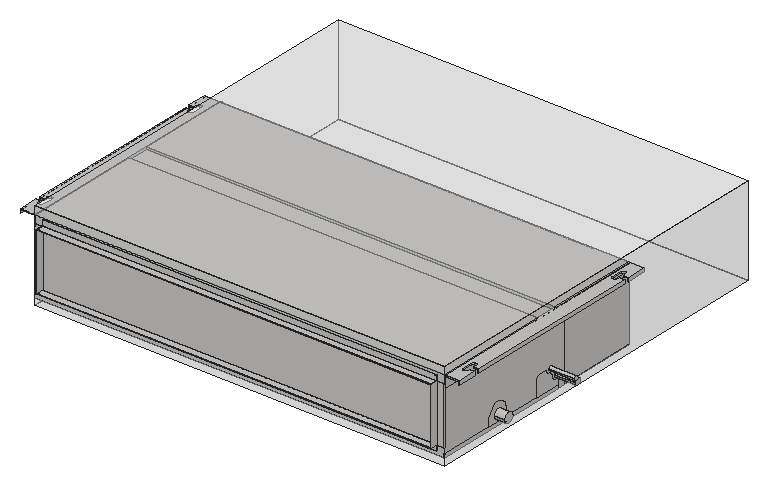
Revit family "outputfile", category 機械設備, Revit 2024
Family settings
  丸型コネクタ寸法 = 半径を使用
  パーツ タイプ = 標準
  OmniClass 番号 = 23.75.10.24.21.27.27
  OmniClass タイトル = Split System Air Conditioning Units
  作業面ベース = いいえ
  常に垂直 = はい
  ロード時にボイドで切り取り = いいえ
  注釈の向きを維持 = いいえ
  共有 = いいえ
  部屋計算ポイント = はい
Parameters (values of type "FDLF85DV14")
  Description = ""
  書き出し IFC クラス(タイプ) = "IfcUnitaryEquipmentType"
  定義済み IFC タイプ(タイプ) = "AIRCONDITIONINGUNIT"
  Cost = 0
  Type Comments = ""
  Keynote = ""
  Type Image = (empty or 0)
  Assembly Code = ""
  switch_frequency = yes
  ld_powersupply = Depth / 2  # 310 mm
  connector_voltage = Voltage_50Hz  # 230 V
  connector_powerinput = [Power Input (Cooling)]  # 0.000 kW
  connector_phase = Phase_50Hz  # 1
  angle_liquidpipe [instance] = if(Right Connection_refrigerant, 90.00°, 270.00°)  # 90.00°
  angle_gaspipe [instance] = if(Right Connection_refrigerant, 90.00°, 270.00°)  # 90.00°
  angle_drainpipe [instance] = if(Right Connection_refrigerant, 90.00°, 270.00°)  # 90.00°
  URL = ""
  Right Connection_refrigerant [instance] = yes
  製造元 = "Daikin"
  モデル = "FDLF85DV14"
  r_Liquid Pipe Size = Liquid Pipe Size / 2  # 4.75 mm
  r_Gas Pipe Size = Gas Pipe Size / 2  # 7.95 mm
  r_Drain Pipe Size = Drain Pipe Size / 2  # 12.5 mm
  lw_powersupply = 50 mm  # constant formula
  lw_ductflange2 = 1003 mm
  lw_Width = 1060 mm
  lh_suctionflange [instance] = 100 mm  # constant formula
  ld_suctionflange [instance] = if(Rear Connection_Return Air, 190.25 mm, 100.25 mm)  # 190.25 mm
  angle_vertical_RA [instance] = if(Rear Connection_Return Air, 90.00°, 0.00°)  # 90.00°
  angle horizontal_RA [instance] = if(Rear Connection_Return Air, 180.00°, 270.00°)  # 180.00°
  Voltage_comment_50Hz = "220 - 240"
  Voltage_50Hz = 230 V
  Supply Air Direction [instance] = yes
  Sound Power Level_H speed (dB) = 0
  Rear Connection_Return Air [instance] = not(Bottom Connection_Return Air)  # yes
  RA_length [instance] = if(Rear Connection_Return Air, 190.25 mm, 100 mm)  # 190.25 mm
  Phase_50Hz = 1
  Minimum External Static Pressure = 15.00 Pa
  Minimum Circuit Amps_50Hz = 0.0 A
  Maximum Fuse Amps_50Hz = 0.0 A
  Maximum External Static Pressure = 38.00 Pa
  Material_Casing = DAIKIN_GalvanizedSteel_Casing_indoorunit
  lw_liquidpipe = 621 mm
  lw_gaspipe = 608 mm
  lw_mountinghole = 1140 mm
  lw_drainpipe = 580 mm
  lh_powersupply = 150 mm  # constant formula
  lh_liquidpipe = 138 mm  # constant formula
  lh_gaspipe = 160 mm  # constant formula
  lh_mountinghole = Height  # 200 mm
  lh_drainpipe = 170 mm  # constant formula
  lh_antena = 1 mm  # constant formula
  ld_liquidpipe = 353 mm  # constant formula
  ld_gaspipe = 375 mm  # constant formula
  ld_mountinghole = 500 mm  # constant formula
  ld_drainpipe = 178 mm  # constant formula
  ld_controlbox = 626 mm  # constant formula
  h*** = 0 mm  # constant formula
  d_dischargeflange = 21.2 mm  # constant formula
  Width = 1100 mm
  Version = "ver.1.0"
  Unit Type = "L.S.P. Duct for Living room"
  Unit Mass Weight = 31.00 kg
  Unit Designation [instance] = ""
  Uniclass2015Version = "Products v1.30"
  Uniclass2015Title = "Split coil room air conditioning units"
  Uniclass2015Code = "Pr_70_65_03_86"
  Total Cooling Capacity [instance] = 0.000 kW
  Sound Pressure Level_M speed (dBA) = 37
  Sound Pressure Level_L speed (dBA) = 34
  Sound Pressure Level_H speed (dBA) = 40
  Series = "SkyAir_Fan Coil Unit"
  Sensible Cooling Capacity [instance] = 0.000 kW
  SA Duct Size Width = 1060 mm
  SA Duct Size Height = 153 mm
  Refrigerant Type = "R32"
  RA Duct Size Width = 961 mm
  RA Duct Size Height = 160 mm
  Power Input (Cooling) = 0.000 kW
  Option Accessory 3 [instance] = ""
  Option Accessory 2 [instance] = ""
  Option Accessory 1 [instance] = ""
  Nominal Cooling Capacity = 8.500 kW
  Minimum Airflow = 990.00 m³/h
  Median Airflow = 1080.00 m³/h
  Maximum Airflow = 1200.00 m³/h
  Load Classification = HVAC
  Liquid Pipe Size = 9.5 mm
  Link_Nested Family [instance] = ""
  Left Connection_refrigerant [instance] = not(Right Connection_refrigerant)  # no
  IfcVersion = ""
  IfcExportType = "AIRCONDITIONINGUNIT"
  IfcExportAs = "IfcUnitaryEquipmentType"
  Height = 200 mm
  Heat Exchanger Type = "Cross Fin Coil"
  Gas Pipe Size = 15.9 mm
  Frequency_50Hz = 50 Hz
  Fan Type = "Sirocco Fan"
  Fan Drive = "Direct Drive"
  FCU Tag No. [instance] = ""
  Drain Pipe Size = 25.0 mm
  Design Supply Airflow [instance] = 0.00 m³/h
  Design Return Airflow [instance] = 0.00 m³/h
  Design External Static Pressure [instance] = 0.00 Pa
  Depth = 620 mm
  既定の高さ = 0 mm
  Cooling Entering Wet Bulb Temperature [instance] = 0.00 °C
  Cooling Entering Dry Bulb Temperature [instance] = 0.00 °C
  Cooling Ambient Wet Bulb Temperature [instance] = 0.00 °C
  Cooling Ambient Dry Bulb Temperature [instance] = 0.00 °C
  Clearance visibility [instance] = yes
  Clearance Top = 20 mm
  Clearance Right = 0 mm
  Clearance Rear = 400 mm
  Clearance Left = 0 mm
  Clearance Front = 0 mm
  Clearance Bottom = 20 mm
  Bottom Connection_Return Air [instance] = no
Reference planes
  plane 1 "Center (Front/Back)": y = 0
  plane 2: z = 0
  plane 3 "Center (Left/Right)": x = 0
  plane 4 "Back": y = 310
  plane 5 "Front": y = -310
  plane 6 "Left": x = -550
  plane 7 "Right": x = 550
  plane 8 "Top": z = 0
  plane 9 "Bottom": z = -200
  plane 10: x = -570
  plane 11: x = 570
  plane 12: y = 250
  plane 13: z = 0
  plane 14 "Clearance Left": x = -550
  plane 15 "Clearance Right": x = 550
  plane 16 "Clearance Rear": y = 710
  plane 17 "Clearance Front": y = -310
  plane 18 "Clearance Top": z = 20
  plane 19 "Clearance Bottom": z = -220
  plane 20: y = -250
  plane 21: z = -21
  plane 22: z = -97.5
  plane 23: x = -48.5
  plane 24: y = 119.75
  plane 25: z = -100
  plane 26: y = 65
  plane 27: z = -160
  plane 28: y = 43
  plane 29: z = -138
  plane 30: y = -132
  plane 31: z = -170
  plane 32: x = 608
  plane 33: x = 621
  plane 34: x = 580
  plane 35: x = 500
  plane 36: z = -150
  plane 37: x = -580
  plane 38: x = -621
  plane 39: x = -608
Forms (mm)
  Extrusion 1, solid, material "DAIKIN_GalvanizedSteel_Casing_indoorunit" <- "Material_Casing"
    sketch origin (0, 0, 0) x (1, 0, 0) y (0, 1, 0)
      loop
        line (-550, -310) -> (550, -310) -> (550, 310) -> (-550, 310) -> (-550, -310)
    from -200 to 0
  Extrusion 2, void
    sketch origin (0, 0, 1) x (1, 0, 0) y (0, 1, 0)
      loop
        line (-550, 61.5) -> (-550, 3.5) -> (550, 3.5) -> (550, 61.5) -> (-550, 61.5)
    from -1 to -7
  Extrusion 3, solid, material "DAIKIN_GalvanizedSteel_Casing_indoorunit" <- "Material_Casing", visible <- "Bottom Connection_Return Air"
    sketch origin (0, 0, 0) x (1, 0, 0) y (0, 0, 1)
      loop
        line (452, -199.25) -> (452, -0.75) -> (-549, -0.75) -> (-549, -199.25) -> (452, -199.25)
    from -310 to -309
  Extrusion 4, solid, material "DAIKIN_GalvanizedSteel_Casing_indoorunit" <- "Material_Casing", visible <- "Rear Connection_Return Air"
    sketch origin (0, 0, 0) x (1, 0, 0) y (0, 1, 0)
      loop
        line (-549, 309) -> (-549, 110.5) -> (452, 110.5) -> (452, 309) -> (-549, 309)
    from -200 to -199
  Extrusion 5, solid, material "DAIKIN_GalvanizedSteel_Casing_indoorunit" <- "Material_Casing", visible <- "Right Connection_refrigerant"
    sketch origin (550, 0, 0) x (0, 1, 0) y (0, 0, 1)
      loop
        circle (65, -160) r 7.95
    from 0 to 58
  Extrusion 6, solid, material "DAIKIN_GalvanizedSteel_Casing_indoorunit" <- "Material_Casing", visible <- "Right Connection_refrigerant"
    sketch origin (550, 0, 0) x (0, 1, 0) y (0, 0, 1)
      loop
        circle (43, -138) r 4.75
    from 0 to 71
  Extrusion 7, solid, material "DAIKIN_GalvanizedSteel_Casing_indoorunit" <- "Material_Casing", visible <- "Right Connection_refrigerant"
    sketch origin (550, 0, 0) x (0, 1, 0) y (0, 0, 1)
      loop
        line (-310, -200) -> (70, -200) -> (70, -190) -> (-310, -190) -> (-310, -200)
    from 0 to -1
  Extrusion 8, solid, material "DAIKIN_GalvanizedSteel_Casing_indoorunit" <- "Material_Casing", visible <- "Right Connection_refrigerant"
    sketch origin (550, 0, 0) x (0, 1, 0) y (0, 0, 1)
      loop
        arc (96, -27.5) -> (93.879, -28.379) -> (93, -30.5) r 3
        line (93, -30.5) -> (93, -194.5)
        arc (93, -194.5) -> (93.879, -196.621) -> (96, -197.5) r 3
        line (96, -197.5) -> (310, -197.5) -> (310, -27.5) -> (96, -27.5)
    from 0 to -1
  Extrusion 9, solid, material "DAIKIN_GalvanizedSteel_Casing_indoorunit" <- "Material_Casing", visible <- "Right Connection_refrigerant"
    sketch origin (550, 0, 0) x (0, 1, 0) y (0, 0, 1)
      loop
        arc (-104, -170) -> (-132, -142) -> (-160, -170) r 28
        line (-160, -170) -> (-160, -190) -> (-104, -190) -> (-104, -170)
    from 0 to -1
  Extrusion 10, solid, material "DAIKIN_GalvanizedSteel_Casing_indoorunit" <- "Material_Casing", visible <- "Right Connection_refrigerant"
    sketch origin (550, 0, 0) x (0, 1, 0) y (0, 0, 1)
      loop
        line (70, -190) -> (70, -174.671)
        arc (70, -174.671) -> (54.678, -171.563) -> (49.857, -156.691) r 15.5
        line (49.857, -156.691) -> (43.472, -150.991)
        arc (43.472, -150.991) -> (34.343, -147.698) -> (30.039, -139) r 13
        line (30.039, -139) -> (2, -139)
        arc (2, -139) -> (-0.121, -139.879) -> (-1, -142) r 3
        line (-1, -142) -> (-1, -190) -> (70, -190)
    from 0 to -1
  Extrusion 11, solid, material "DAIKIN_GalvanizedSteel_Casing_indoorunit" <- "Material_Casing", visible <- "Left Connection_refrigerant"
    sketch origin (-550, 0, 0) x (0, 1, 0) y (0, 0, 1)
      loop
        line (-310, -200) -> (70, -200) -> (70, -190) -> (-310, -190) -> (-310, -200)
    from 0 to -1
  Extrusion 12, solid, material "DAIKIN_GalvanizedSteel_Casing_indoorunit" <- "Material_Casing", visible <- "Left Connection_refrigerant"
    sketch origin (-550, 0, 0) x (0, 1, 0) y (0, 0, 1)
      loop
        arc (96, -27.5) -> (93.879, -28.379) -> (93, -30.5) r 3
        line (93, -30.5) -> (93, -194.5)
        arc (93, -194.5) -> (93.879, -196.621) -> (96, -197.5) r 3
        line (96, -197.5) -> (310, -197.5) -> (310, -27.5) -> (96, -27.5)
    from 0 to -1
  Extrusion 13, solid, material "DAIKIN_GalvanizedSteel_Casing_indoorunit" <- "Material_Casing", visible <- "Left Connection_refrigerant"
    sketch origin (-550, 0, 0) x (0, 1, 0) y (0, 0, 1)
      loop
        arc (-104, -170) -> (-132, -142) -> (-160, -170) r 28
        line (-160, -170) -> (-160, -190) -> (-104, -190) -> (-104, -170)
    from 0 to -1
  Extrusion 14, solid, material "DAIKIN_GalvanizedSteel_Casing_indoorunit" <- "Material_Casing", visible <- "Left Connection_refrigerant"
    sketch origin (-550, 0, 0) x (0, 1, 0) y (0, 0, 1)
      loop
        line (70, -190) -> (70, -174.671)
        arc (70, -174.671) -> (54.678, -171.563) -> (49.857, -156.691) r 15.5
        line (49.857, -156.691) -> (43.472, -150.991)
        arc (43.472, -150.991) -> (34.343, -147.698) -> (30.039, -139) r 13
        line (30.039, -139) -> (2, -139)
        arc (2, -139) -> (-0.121, -139.879) -> (-1, -142) r 3
        line (-1, -142) -> (-1, -190) -> (70, -190)
    from 0 to -1
  Extrusion 15, solid, material "DAIKIN_GalvanizedSteel_Casing_indoorunit" <- "Material_Casing", visible <- "Left Connection_refrigerant"
    sketch origin (-550, 0, 0) x (0, 1, 0) y (0, 0, 1)
      loop
        circle (43, -138) r 4.75
    from -71 to 0
  Extrusion 16, solid, material "DAIKIN_GalvanizedSteel_Casing_indoorunit" <- "Material_Casing", visible <- "Left Connection_refrigerant"
    sketch origin (-550, 0, 0) x (0, 1, 0) y (0, 0, 1)
      loop
        circle (65, -160) r 7.95
    from -58 to 0
  Extrusion 17, solid, material "DAIKIN_GalvanizedSteel_Casing_indoorunit" <- "Material_Casing", visible <- "Left Connection_refrigerant"
    sketch origin (-550, 0, 0) x (0, 1, 0) y (0, 0, 1)
      loop
        circle (-132, -170) r 12.5
    from -30 to 0
  Extrusion 18, solid, material "DAIKIN_GalvanizedSteel_Casing_indoorunit" <- "Material_Casing", visible <- "Right Connection_refrigerant"
    sketch origin (550, 0, 0) x (0, 1, 0) y (0, 0, 1)
      loop
        circle (-132, -170) r 12.5
    from 0 to 30
Cuts and joins
  Extrusion 2 cuts Extrusion 1
Dimensions and locks
  "Height": plane 8 "Top" to plane 9 "Bottom"
  equal spacing: plane 10, plane 3 "Center (Left/Right)", plane 11
  "lw_mountinghole": plane 10 to plane 11
  equal spacing: plane 6 "Left", plane 3 "Center (Left/Right)", plane 7 "Right"
  "Width": plane 6 "Left" to plane 7 "Right"
  "Clearance Right": plane 7 "Right" to plane 15 "Clearance Right"
  "Clearance Left": plane 14 "Clearance Left" to plane 6 "Left"
  "Clearance Rear": plane 16 "Clearance Rear" to plane 4 "Back"
  "Clearance Front": plane 5 "Front" to plane 17 "Clearance Front"
  "Clearance Top": plane 18 "Clearance Top" to plane 8 "Top"
  "Clearance Bottom": plane 9 "Bottom" to plane 19 "Clearance Bottom"
  "Depth": plane 4 "Back" to plane 5 "Front"
  equal spacing: plane 4 "Back", plane 1 "Center (Front/Back)", plane 5 "Front"
  Extrusion 3 sketch curve to Extrusion 3 sketch curve = 198.5 mm
  locked: plane 20 to plane 5 "Front" at 60
  "ld_mountinghole": plane 12 to plane 20
  locked: plane 8 "Top" to plane 21 at 21
  locked: plane 23 to plane 3 "Center (Left/Right)" at 48.5
  "ld_suctionflange": plane 4 "Back" to plane 24
  "lh_suctionflange": plane 8 "Top" to plane 25
  "ld_gaspipe": plane 26 to plane 5 "Front"
  "lh_gaspipe": plane 8 "Top" to plane 27
  "ld_liquidpipe": plane 28 to plane 5 "Front"
  "lh_liquidpipe": plane 8 "Top" to plane 29
  "ld_drainpipe": plane 30 to plane 5 "Front"
  "lh_drainpipe": plane 8 "Top" to plane 31
  "lw_powersupply": plane 35 to plane 7 "Right"
  "lh_powersupply": plane 8 "Top" to plane 36
  "lw_gaspipe": plane 3 "Center (Left/Right)" to plane 32
  "lw_liquidpipe": plane 3 "Center (Left/Right)" to plane 33
  "lw_drainpipe": plane 3 "Center (Left/Right)" to plane 34
  "lw_liquidpipe": plane 38 to plane 3 "Center (Left/Right)"
  "lw_gaspipe": plane 39 to plane 3 "Center (Left/Right)"
  "lw_drainpipe": plane 37 to plane 3 "Center (Left/Right)"
  "r_Gas Pipe Size": radius of Extrusion 5 sketch curve
  "r_Liquid Pipe Size": radius of Extrusion 6 sketch curve
  "r_Liquid Pipe Size": radius of Extrusion 15 sketch curve
  "r_Gas Pipe Size": radius of Extrusion 16 sketch curve
  "r_Drain Pipe Size": radius of Extrusion 17 sketch curve
  "r_Drain Pipe Size": radius of Extrusion 18 sketch curve
  aligned and locked: level to plane 2
  aligned and locked: Extrusion 1 to plane 9 "Bottom"
  aligned and locked: plane 8 "Top" to Extrusion 1
  aligned and locked: plane 11 to nested 2
  aligned and locked: plane 10 to nested 3
  aligned and locked: plane 10 to nested 4
  aligned and locked: plane 8 "Top" to Extrusion 2
  aligned and locked: plane 9 "Bottom" to Extrusion 4  (x2)
  aligned and locked: plane 7 "Right" to cut or joined group of Extrusion 1, Extrusion 2  (x2)
  aligned and locked: plane 3 "Center (Left/Right)" to nested 9
  aligned and locked: plane 6 "Left" to nested 7
  aligned and locked: plane 8 "Top" to nested 9
  aligned and locked: plane 11 to nested 1
  aligned and locked: nested 6 to plane 1 "Center (Front/Back)"
  aligned and locked: plane 3 "Center (Left/Right)" to nested 6
  aligned and locked: level to plane 8 "Top"
  aligned and locked: plane 1 "Center (Front/Back)" to nested 9
  aligned and locked: plane 5 "Front" to nested 10
  aligned and locked: Extrusion 1 sketch curve to plane 5 "Front"
  aligned and locked: plane 21 to nested 10
  aligned and locked: nested 5 to plane 5 "Front"
  aligned and locked: plane 3 "Center (Left/Right)" to nested 5
  aligned and locked: plane 22 to nested 5
  aligned and locked: Extrusion 2 sketch curve to plane 6 "Left"
  aligned and locked: plane 7 "Right" to Extrusion 2 sketch curve
  aligned and locked: nested 11 to plane 23
  aligned and locked: nested 11 to plane 24
  aligned and locked: plane 27 to Extrusion 5 sketch curve
  aligned and locked: plane 26 to Extrusion 5 sketch curve
  aligned and locked: plane 28 to Extrusion 6 sketch curve
  aligned and locked: plane 29 to Extrusion 6 sketch curve
  aligned and locked: plane 32 to Extrusion 5
  aligned and locked: plane 33 to Extrusion 6
  aligned and locked: Extrusion 7 sketch curve to plane 9 "Bottom"
  aligned and locked: Extrusion 7 sketch curve to plane 5 "Front"
  aligned and locked: plane 14 "Clearance Left" to nested 12
  aligned and locked: plane 15 "Clearance Right" to nested 12
  aligned and locked: plane 16 "Clearance Rear" to nested 12
  aligned and locked: nested 12 to plane 17 "Clearance Front"
  aligned and locked: nested 12 to plane 18 "Clearance Top"
  aligned and locked: nested 12 to plane 19 "Clearance Bottom"
  aligned and locked: nested 13 to plane 35
  aligned and locked: nested 13 to plane 36
  aligned and locked: plane 4 "Back" to nested 13
  aligned and locked: nested 14 to plane 26
  aligned and locked: plane 3 "Center (Left/Right)" to nested 14
  aligned and locked: nested 14 to plane 27
  aligned and locked: nested 15 to plane 28
  aligned and locked: plane 3 "Center (Left/Right)" to nested 15
  aligned and locked: nested 15 to plane 29
  aligned and locked: nested 16 to plane 30
  aligned and locked: plane 3 "Center (Left/Right)" to nested 16
  aligned and locked: nested 16 to plane 31
  aligned and locked: plane 29 to Extrusion 15 sketch curve
  aligned and locked: plane 28 to Extrusion 15 sketch curve
  aligned and locked: Extrusion 15 to plane 38
  aligned and locked: plane 6 "Left" to Extrusion 15
  aligned and locked: plane 26 to Extrusion 16 sketch curve
  aligned and locked: plane 27 to Extrusion 16 sketch curve
  aligned and locked: Extrusion 16 to plane 39
  aligned and locked: plane 6 "Left" to Extrusion 16
  aligned and locked: plane 30 to Extrusion 17 sketch curve
  aligned and locked: Extrusion 17 to plane 37
  aligned and locked: plane 6 "Left" to Extrusion 17
  aligned and locked: Extrusion 5 to plane 7 "Right"
  aligned and locked: Extrusion 6 to plane 7 "Right"
  aligned and locked: plane 30 to Extrusion 18 sketch curve
  aligned and locked: plane 31 to Extrusion 18 sketch curve
  aligned and locked: plane 34 to Extrusion 18
  aligned and locked: Extrusion 18 to plane 7 "Right"
Automatic sketch dimensions
  Extrusion 1 sketch curve to plane 4 "Back" = 0 mm
  Extrusion 1 sketch curve to plane 6 "Left" = 0 mm
  Extrusion 1 sketch curve to plane 7 "Right" = 0 mm
  Extrusion 2 sketch curve to plane 1 "Center (Front/Back)" = 3.5 mm
  Extrusion 2 sketch curve to plane 26 = 3.5 mm
  plane 9 "Bottom" to Extrusion 3 sketch curve = 0.75 mm
  plane 6 "Left" to Extrusion 3 sketch curve = 1 mm
  Extrusion 3 sketch curve to plane 35 = 48 mm
  Extrusion 4 sketch curve to plane 4 "Back" = 1 mm
  plane 6 "Left" to Extrusion 4 sketch curve = 1 mm
  Extrusion 4 sketch curve to plane 35 = 48 mm
  Extrusion 4 sketch curve to plane 24 = 9.25 mm
  plane 26 to Extrusion 7 sketch curve = 5 mm
  Extrusion 7 sketch curve to Extrusion 7 sketch curve = 10 mm
  Extrusion 8 sketch curve to plane 21 = 9.5 mm
  Extrusion 8 sketch curve to plane 24 = 23.75 mm  (x2)
  plane 9 "Bottom" to Extrusion 8 sketch curve = 5.5 mm
  Extrusion 8 sketch curve to Extrusion 8 sketch curve = 3 mm
  Extrusion 9 sketch curve to plane 31 = 0 mm
  Extrusion 9 sketch curve to plane 30 = 0 mm
  plane 9 "Bottom" to Extrusion 9 sketch curve = 10 mm
  Extrusion 9 sketch curve to plane 30 = 28 mm
  Extrusion 10 sketch curve to plane 28 = 0 mm
  Extrusion 10 sketch curve to plane 26 = 0 mm
  Extrusion 10 sketch curve to plane 27 = 0 mm
  Extrusion 10 sketch curve to plane 29 = 0 mm
  Extrusion 10 sketch curve to plane 29 = 1 mm
  Extrusion 10 sketch curve to plane 28 = 12.961 mm
  Extrusion 10 sketch curve to plane 1 "Center (Front/Back)" = 2 mm
  plane 1 "Center (Front/Back)" to Extrusion 10 sketch curve = 1 mm
  plane 28 to Extrusion 10 sketch curve = 0.472 mm
  plane 27 to Extrusion 10 sketch curve = 3.309 mm
  plane 28 to Extrusion 10 sketch curve = 6.857 mm
  plane 26 to Extrusion 10 sketch curve = 5 mm
  plane 9 "Bottom" to Extrusion 10 sketch curve = 10 mm
  Extrusion 8 sketch curve to plane 4 "Back" = 0 mm
  Extrusion 17 sketch curve to plane 31 = 0 mm
  Extrusion 12 sketch curve to plane 4 "Back" = 0 mm
  plane 9 "Bottom" to Extrusion 12 sketch curve = 5.5 mm
  Extrusion 12 sketch curve to plane 24 = 23.75 mm  (x2)
  Extrusion 12 sketch curve to plane 21 = 6.5 mm
  Extrusion 12 sketch curve to Extrusion 12 sketch curve = 3 mm
  Extrusion 14 sketch curve to plane 28 = 0 mm
  Extrusion 14 sketch curve to plane 26 = 0 mm
  Extrusion 14 sketch curve to plane 27 = 0 mm
  Extrusion 14 sketch curve to plane 29 = 0 mm
  Extrusion 14 sketch curve to plane 29 = 1 mm
  Extrusion 14 sketch curve to plane 28 = 12.961 mm
  Extrusion 14 sketch curve to plane 1 "Center (Front/Back)" = 2 mm
  plane 1 "Center (Front/Back)" to Extrusion 14 sketch curve = 1 mm
  plane 28 to Extrusion 14 sketch curve = 0.472 mm
  plane 27 to Extrusion 14 sketch curve = 3.309 mm
  plane 28 to Extrusion 14 sketch curve = 6.857 mm
  plane 26 to Extrusion 14 sketch curve = 5 mm
  plane 9 "Bottom" to Extrusion 14 sketch curve = 10 mm
  Extrusion 11 sketch curve to plane 5 "Front" = 0 mm
  Extrusion 11 sketch curve to plane 9 "Bottom" = 0 mm
  plane 26 to Extrusion 11 sketch curve = 5 mm
  Extrusion 11 sketch curve to Extrusion 11 sketch curve = 10 mm
  Extrusion 13 sketch curve to plane 31 = 0 mm
  Extrusion 13 sketch curve to plane 30 = 0 mm
  plane 9 "Bottom" to Extrusion 13 sketch curve = 10 mm
  Extrusion 13 sketch curve to plane 30 = 28 mm
Nested families
  nested 1: "daikin_mountinghole" at (570, 250, -200), l_antenna <- "lh_antena", Link_Nested Family <- "Link_Nested Family", h_mountinghole <- "lh_mountinghole", type "daikin_mountinghole"
    with show yes, l_antenna 1 mm, h_mountinghole 200 mm, Link_Nested Family ""
  nested 2: "daikin_mountinghole" at (570, -250, -200), Link_Nested Family <- "Link_Nested Family", l_antenna <- "lh_antena", h_mountinghole <- "lh_mountinghole", type "daikin_mountinghole"
    with show yes, l_antenna 1 mm, h_mountinghole 200 mm, Link_Nested Family ""
  nested 3: "daikin_mountinghole" at (-570, -250, -200), l_antenna <- "lh_antena", Link_Nested Family <- "Link_Nested Family", h_mountinghole <- "lh_mountinghole", type "daikin_mountinghole"
    with show yes, l_antenna 1 mm, h_mountinghole 200 mm, Link_Nested Family ""
  nested 4: "daikin_mountinghole" at (-570, 250, -200), l_antenna <- "lh_antena", Link_Nested Family <- "Link_Nested Family", h_mountinghole <- "lh_mountinghole", type "daikin_mountinghole"
    with show yes, l_antenna 1 mm, h_mountinghole 200 mm, Link_Nested Family ""
  nested 5: "daikin_connector_rotate2" at (0, -310, -97.5), length <- "d_dischargeflange", type "daikin_connector_rotate2"
    with radius 10 mm, length 21.2 mm, angle_vertical 90.00°, show_face no
  nested 6: "daikin_△_symbolicline" at (-75, -129.904, 200) x (-0.5, 0.866, 0) z (0, 0, 1), built-in parameter 1001364 <- "Height", visible <- "Supply Air Direction", type "daikin_△_symbolicline"
    with length 300 mm
  nested 7: "daikin_ductflange_FDLF-DV14_1" at (-48.5, 310, -100), visible <- "Rear Connection_Return Air", material <- "Material_Casing", width <- "lw_ductflange2", type "daikin_ductflange_FDLF-DV14_1"
    with width 1003 mm, material DAIKIN_GalvanizedSteel_Casing_indoorunit, height 180 mm, depth 21.2 mm
  nested 8: "daikin_ductflange_FDLF-DV14_1" at (-48.5, 209.75, -200) x (1, 0, 0) z (0, 1, 0), visible <- "Bottom Connection_Return Air", material <- "Material_Casing", width <- "lw_ductflange2", type "daikin_ductflange_FDLF-DV14_1"
    with width 1003 mm, material DAIKIN_GalvanizedSteel_Casing_indoorunit, height 180 mm, depth 21.2 mm
  nested 9: "daikin_hangerfixture_FDLF-DV14" at (0, 0, 0), type "daikin_hangerfixture_FDLF-DV14"
    with width 1100 mm
  nested 10: "daikin_ductflange_FDLF-DV14" at (0, 3.5, -364.201), width <- "lw_Width", material <- "Material_Casing", type "daikin_ductflange_FDLF-DV14"
    with width 1060 mm, material DAIKIN_GalvanizedSteel_Casing_indoorunit, height 155 mm, depth 21.2 mm
  nested 11: "daikin_connector_rotate3" at (-48.5, 119.75, -100), length <- "RA_length", angle_vertical <- "angle_vertical_RA", angle_horizontal <- "angle horizontal_RA", type "daikin_connector_rotate3"
    with show no, radius 10 mm, length 190.25 mm, angle_vertical 90.00°, angle_horizontal 180.00°
  nested 12: "daikin_clearancespace" at (0, 200, -99.881), visible <- "Clearance visibility", Link_Nested Family <- "Link_Nested Family", show <- "Clearance visibility", type "daikin_clearancespace"
    with width 1100 mm, show yes, height 240 mm, depth 1020 mm, Link_Nested Family ""
  nested 13: "daikin_connector_rotate2" at (500, 0, -150) x (-1, 0, 0) z (0, 0, 1), length <- "ld_powersupply", type "daikin_connector_rotate2"
    with radius 10 mm, length 310 mm, angle_vertical 90.00°, show_face no
  nested 14: "daikin_connector_rotate3" at (0, 65, -160), angle_vertical <- "angle_gaspipe", radius <- "r_Gas Pipe Size", length <- "lw_gaspipe", type "daikin_connector_rotate3"
    with show no, radius 7.95 mm, length 608 mm, angle_vertical 90.00°, angle_horizontal 90.00°
  nested 15: "daikin_connector_rotate3" at (0, 43, -138), angle_vertical <- "angle_liquidpipe", length <- "lw_liquidpipe", radius <- "r_Liquid Pipe Size", type "daikin_connector_rotate3"
    with show no, radius 4.75 mm, length 621 mm, angle_vertical 90.00°, angle_horizontal 90.00°
  nested 16: "daikin_connector_rotate3" at (0, -132, -170), angle_vertical <- "angle_drainpipe", length <- "lw_drainpipe", radius <- "r_Drain Pipe Size", type "daikin_connector_rotate3"
    with show no, radius 12.5 mm, length 580 mm, angle_vertical 90.00°, angle_horizontal 90.00°
Connectors
  hvac at (0, -331.2, -97.5), driven by "SA Duct Size Height", driven by "SA Duct Size Width"
    settings: on nested 5, index 1, duct flow 0.00 m³/h, flow factor 0, pres drop 0.00 Pa, loss coef 0, conn angle 0.00°, conn width 1060.0 mm, conn height 153.0 mm, conn diameter 609.6 mm, duct sys type 1, conn prof type 1, flow config 0, flow direction 2, loss method 4, conn ref index -1, conn util no, is conn primary yes, conn desc "SA Duct"
  hvac at (-48.5, 310, -100), driven by "RA Duct Size Height", driven by "RA Duct Size Width"
    settings: on nested 11, index 2, duct flow 0.00 m³/h, flow factor 0, pres drop 0.00 Pa, loss coef 0, conn angle 0.00°, conn width 961.0 mm, conn height 160.0 mm, conn diameter 609.6 mm, duct sys type 2, conn prof type 1, flow config 0, flow direction 1, loss method 4, conn ref index -1, conn util no, is conn primary no, conn desc "RA Duct"
  electrical at (500, 310, -150), driven by "Load Classification", driven by "connector_powerinput", driven by "connector_voltage", driven by "connector_phase"
    settings: on nested 13, index 6, voltage 230 V, apparent load 0 VA, apparent load phase1 0 VA, apparent load phase2 0 VA, apparent load phase3 0 VA, power factor 1, load classification "HVAC", number of poles 1, system type 30, power factor state 1, is connector primary yes, connector utility no, sub classification motor no, connector description "Power Supply"
  piping at (608, 65, -160), diameter 15.9, driven by "r_Gas Pipe Size"
    settings: on nested 14, index 7, connector inside diameter 609.6 mm, connector length 0 mm, flow factor 0, pipe flow 0.00 m³/h, pressure drop 0.0 Pa, fitting loss kfactor 0, connector angle 0.00°, fixture units 0, engagement length 0 mm, angle of deflection 0.00°, flow configuration 1, flow direction 2, fitting loss method 0, system type 29, joint type 0, gender type 0, connector reference index -1, connector utility 0, adjustable connector no, is connector primary yes, connector description "Refrigerant Gas Piping"
  piping at (621, 43, -138), diameter 9.5, driven by "r_Liquid Pipe Size"
    settings: on nested 15, index 8, connector inside diameter 609.6 mm, connector length 0 mm, flow factor 0, pipe flow 0.00 m³/h, pressure drop 0.0 Pa, fitting loss kfactor 0, connector angle 0.00°, fixture units 0, engagement length 0 mm, angle of deflection 0.00°, flow configuration 1, flow direction 1, fitting loss method 0, system type 29, joint type 0, gender type 0, connector reference index -1, connector utility 0, adjustable connector no, is connector primary no, connector description "Refrigerant Liquid Piping"
  piping at (580, -132, -170), diameter 25, driven by "r_Drain Pipe Size"
    settings: on nested 16, index 9, connector inside diameter 609.6 mm, connector length 0 mm, flow factor 0, pipe flow 0.00 m³/h, pressure drop 0.0 Pa, fitting loss kfactor 0, connector angle 0.00°, fixture units 0, engagement length 0 mm, angle of deflection 0.00°, flow configuration 1, flow direction 2, fitting loss method 4, system type 16, joint type 0, gender type 0, connector reference index -1, connector utility 0, adjustable connector no, is connector primary no, connector description "Condensate Drain Piping"
Definition of nested family "daikin_ductflange_FDLF-DV14_1"
  Parameters (values of type "daikin_ductflange_FDLF-DV14_1")
    width [instance] = 620 mm
    material [instance] = none
    height [instance] = 180 mm
    depth [instance] = 21.2 mm
    Default Elevation = 0 mm
  Reference planes
    plane 1 "Center (Front/Back)": y = 0
    plane 2: z = 0
    plane 3 "Center (Left/Right)": x = 0
    plane 4: x = -310
    plane 5: x = 310
    plane 6: z = 100.25
    plane 7: z = -100.25
    plane 8: x = -309
    plane 9: x = 309
  Forms (mm)
    Extrusion 1, solid, material <- "material"
      sketch origin (0, 0, 0) x (1, 0, 0) y (0, 0, 1)
        loop
          line (-289, 80) -> (-289, -80) -> (289, -80) -> (289, 80) -> (-289, 80)
        loop
          line (-309, -99.25) -> (309, -99.25) -> (309, 99.25) -> (-309, 99.25) -> (-309, -99.25)
      from 0 to 1
  Dimensions and locks
    equal spacing: plane 5, plane 3 "Center (Left/Right)", plane 4, locked at 310 each
    "width": plane 5 to plane 4
    plane 8 to plane 4 = 1 mm
    locked: plane 5 to plane 9 at 1
    locked: Extrusion 1 sketch curve to Extrusion 1 sketch curve at 20  (x2)
    plane 6 to Extrusion 1 sketch curve = 1 mm
    locked: Extrusion 1 sketch curve to plane 7 at 1
    aligned and locked: level to plane 2
  Automatic sketch dimensions
    plane 4 to Extrusion 1 sketch curve = 1 mm
    Extrusion 1 sketch curve to plane 5 = 1 mm
    Extrusion 1 sketch curve to plane 6 = 20.25 mm
    plane 7 to Extrusion 1 sketch curve = 20.25 mm
Definition of nested family "daikin_hangerfixture_FDLF-DV14"
  Parameters (values of type "daikin_hangerfixture_FDLF-DV1")
    width = 900 mm
    material = none
    height = 30 mm
    depth = 620 mm
    Default Elevation = 0 mm
  Reference planes
    plane 1 "Center (Front/Back)": y = 0
    plane 2: z = 0
    plane 3 "Center (Left/Right)": x = 0
    plane 4: x = 450
    plane 5: y = 310
    plane 6: y = -310
    plane 7: x = -450
    plane 8: z = -30
  Forms (mm)
    Extrusion 1, solid, material <- "material"
      sketch origin (0, 0, 0) x (1, 0, 0) y (0, 0, 1)
        loop
          line (450, 0) -> (450, -30) -> (452.3, -30) -> (452.3, -2.3) -> (487.7, -2.3) -> (487.7, -10) -> (490, -10) -> (490, 0) -> (450, 0)
      from -310 to 310
    Extrusion 2, void
      sketch origin (0, 0, 0) x (0, 1, 0) y (0, 0, 1)
        loop
          line (310, -30) -> (310, -17.979) -> (87.935, -17.979) -> (75.914, -30) -> (310, -30)
      from -786.78 to 600.701
    Extrusion 3, void
      sketch origin (0, 0, 0) x (1, 0, 0) y (0, 1, 0)
        loop
          line (490, -244.5) -> (477, -244.5) -> (477, -238)
          arc (477, -238) -> (470, -231) -> (463, -238) r 7
          line (463, -238) -> (463, -264)
          arc (463, -264) -> (470, -271) -> (477, -264) r 7
          line (477, -264) -> (477, -257.5) -> (490, -257.5) -> (490, -244.5)
        loop
          line (490, 244.5) -> (490, 257.5) -> (477, 257.5) -> (477, 264)
          arc (477, 264) -> (470, 271) -> (463, 264) r 7
          line (463, 264) -> (463, 238)
          arc (463, 238) -> (470, 231) -> (477, 238) r 7
          line (477, 238) -> (477, 244.5) -> (490, 244.5)
      from -254.96 to 618
    Extrusion 4, solid, material <- "material"
      sketch origin (0, 0, 0) x (-1, 0, 0) y (0, 0, -1)
        loop
          line (450, 0) -> (490, 0) -> (490, 10) -> (487.7, 10) -> (487.7, 2.3) -> (452.3, 2.3) -> (452.3, 30) -> (450, 30) -> (450, 0)
      from -310 to 310
    Extrusion 5, void
      sketch origin (0, 0, 0) x (-1, 0, 0) y (0, -1, 0)
        loop
          line (490, 244.5) -> (490, 257.5) -> (477, 257.5) -> (477, 264)
          arc (477, 264) -> (470, 271) -> (463, 264) r 7
          line (463, 264) -> (463, 238)
          arc (463, 238) -> (470, 231) -> (477, 238) r 7
          line (477, 238) -> (477, 244.5) -> (490, 244.5)
        loop
          line (490, -244.5) -> (477, -244.5) -> (477, -238)
          arc (477, -238) -> (470, -231) -> (463, -238) r 7
          line (463, -238) -> (463, -264)
          arc (463, -264) -> (470, -271) -> (477, -264) r 7
          line (477, -264) -> (477, -257.5) -> (490, -257.5) -> (490, -244.5)
      from -254.96 to 618
  Cuts and joins
    Extrusion 2, Extrusion 3, Extrusion 5 cuts Extrusion 1
    Extrusion 2, Extrusion 5 cuts Extrusion 4
  Dimensions and locks
    equal spacing: plane 5, plane 1 "Center (Front/Back)", plane 6
    "depth": plane 5 to plane 6
    plane 6 to plane 1 "Center (Front/Back)" to plane 5 = 310 mm, 310 mm
    equal spacing: plane 4, plane 3 "Center (Left/Right)", plane 7
    "width": plane 4 to plane 7
    "height": level to plane 8
    aligned and locked: level to plane 2
    aligned and locked: plane 5 to Extrusion 1
    aligned and locked: Extrusion 1 to plane 6
    aligned and locked: Extrusion 1 to plane 4
    aligned and locked: plane 5 to cut or joined group of Extrusion 1, Extrusion 2, Extrusion 3, Extrusion 5
    aligned and locked: cut or joined group of Extrusion 1, Extrusion 2, Extrusion 3, Extrusion 5 to plane 6
    aligned and locked: level to cut or joined group of Extrusion 1, Extrusion 2, Extrusion 3, Extrusion 5
    aligned and locked: cut or joined group of Extrusion 1, Extrusion 2, Extrusion 3, Extrusion 5 to plane 8
    aligned and locked: plane 5 to cut or joined group of Extrusion 2, Extrusion 4, Extrusion 5
    aligned and locked: cut or joined group of Extrusion 2, Extrusion 4, Extrusion 5 to plane 6
  Automatic sketch dimensions
    Extrusion 1 sketch curve to plane 4 = 0 mm
    Extrusion 1 sketch curve to plane 8 = 0 mm
    Extrusion 1 sketch curve to level = 0 mm
    plane 4 to Extrusion 1 sketch curve = 2.3 mm
    Extrusion 1 sketch curve to level = 2.3 mm
    Extrusion 1 sketch curve to Extrusion 1 sketch curve = 35.4 mm
    Extrusion 1 sketch curve to Extrusion 1 sketch curve = 2.3 mm
    Extrusion 1 sketch curve to Extrusion 1 sketch curve = 7.7 mm
    Extrusion 2 sketch curve to plane 8 = 0 mm
    Extrusion 2 sketch curve to plane 5 = 0 mm
    plane 8 to Extrusion 2 sketch curve = 12.021 mm
    Extrusion 2 sketch curve to plane 1 "Center (Front/Back)" = 87.935 mm
    Extrusion 2 sketch curve to Extrusion 2 sketch curve = 12.021 mm
    plane 4 to Extrusion 3 sketch curve = 13 mm  (x2)
    Extrusion 3 sketch curve to Extrusion 3 sketch curve = 7 mm  (x4)
    Extrusion 3 sketch curve to Extrusion 3 sketch curve = 13 mm  (x4)
    plane 6 to Extrusion 3 sketch curve = 46 mm
    Extrusion 3 sketch curve to Extrusion 3 sketch curve = 6.5 mm  (x4)
    Extrusion 3 sketch curve to plane 5 = 72 mm
    Extrusion 4 sketch curve to plane 7 = 0 mm
    Extrusion 4 sketch curve to plane 8 = 0 mm
    Extrusion 4 sketch curve to level = 0 mm
    Extrusion 4 sketch curve to plane 7 = 2.3 mm
    Extrusion 4 sketch curve to level = 2.3 mm
    Extrusion 4 sketch curve to Extrusion 4 sketch curve = 35.4 mm
    Extrusion 4 sketch curve to Extrusion 4 sketch curve = 2.3 mm
    Extrusion 4 sketch curve to Extrusion 4 sketch curve = 7.7 mm
    Extrusion 5 sketch curve to plane 7 = 13 mm  (x2)
    Extrusion 5 sketch curve to Extrusion 5 sketch curve = 7 mm  (x4)
    Extrusion 5 sketch curve to Extrusion 5 sketch curve = 13 mm  (x4)
    Extrusion 5 sketch curve to plane 5 = 46 mm
    Extrusion 5 sketch curve to Extrusion 5 sketch curve = 6.5 mm  (x4)
    plane 6 to Extrusion 5 sketch curve = 72 mm
Definition of nested family "daikin_ductflange_FDLF-DV14"
  Parameters (values of type "daikin_ductflange_FXDQ-NDVET")
    width [instance] = 660 mm
    material [instance] = none
    height [instance] = 155 mm
    depth [instance] = 21.2 mm
    Default Elevation = 0 mm
  Reference planes
    plane 1 "Center (Front/Back)": y = 0
    plane 2: z = 189.201
    plane 3 "Center (Left/Right)": x = 0
    plane 4: y = -313.5
    plane 5: x = -330
    plane 6: x = 330
    plane 7: y = -334.7
    plane 8: z = 344.201
    plane 9: z = 266.701
    plane 10: z = 343.201
    plane 11: z = 190.201
  Forms (mm)
    Extrusion 1, solid, material <- "material"
      sketch origin (0, 0, 189.201) x (1, 0, 0) y (0, 1, 0)
        loop
          line (-330, -334.7) -> (-330, -313.5) -> (-350, -313.5) -> (-350, -314.5) -> (-331, -314.5) -> (-331, -334.7) -> (-330, -334.7)
        loop
          line (330, -334.7) -> (331, -334.7) -> (331, -314.5) -> (350, -314.5) -> (350, -313.5) -> (330, -313.5) -> (330, -334.7)
      from 1 to 154
    Extrusion 2, solid, material <- "material"
      sketch origin (0, 0, 0) x (0, 1, 0) y (0, 0, 1)
        loop
          line (-313.5, 343.201) -> (-313.5, 358.201) -> (-314.5, 358.201) -> (-314.5, 344.201) -> (-334.7, 344.201) -> (-334.7, 343.201) -> (-313.5, 343.201)
        loop
          line (-313.5, 190.201) -> (-334.7, 190.201) -> (-334.7, 189.201) -> (-314.5, 189.201) -> (-314.5, 175.201) -> (-313.5, 175.201) -> (-313.5, 190.201)
      from -330 to 330
  Dimensions and locks
    plane 4 to plane 1 "Center (Front/Back)" = 313.5 mm
    "depth": plane 7 to plane 4
    equal spacing: plane 8, plane 9, level
    "height": plane 8 to level
    equal spacing: plane 6, plane 3 "Center (Left/Right)", plane 5
    "width": plane 6 to plane 5
    locked: plane 8 to plane 10 at 1
    locked: plane 11 to level at 1
    locked: Extrusion 1 to Extrusion 2 sketch curve at 1
    locked: Extrusion 2 sketch curve to Extrusion 1 at 1
    plane 10 to plane 11 = 153 mm
    aligned and locked: level to plane 2
    aligned and locked: Extrusion 2 to plane 5
    aligned and locked: Extrusion 2 to plane 11
    aligned and locked: Extrusion 2 to plane 10
    aligned and locked: plane 6 to Extrusion 2
    aligned and locked: plane 5 to Extrusion 2  (x2)
    aligned and locked: plane 5 to Extrusion 1  (x2)
    aligned and locked: Extrusion 1 to plane 6
    aligned and locked: plane 6 to Extrusion 1
    aligned and locked: Extrusion 1 to plane 10
  Automatic sketch dimensions
    Extrusion 2 sketch curve to plane 7 = 0 mm  (x2)
    Extrusion 2 sketch curve to plane 4 = 0 mm  (x2)
    Extrusion 2 sketch curve to plane 11 = 0 mm
    Extrusion 2 sketch curve to plane 10 = 0 mm
    Extrusion 2 sketch curve to plane 4 = 1 mm  (x2)
    Extrusion 2 sketch curve to level = 14 mm
    plane 8 to Extrusion 2 sketch curve = 14 mm
    Extrusion 1 sketch curve to plane 4 = 0 mm  (x2)
    Extrusion 1 sketch curve to plane 7 = 0 mm  (x2)
    Extrusion 1 sketch curve to plane 5 = 0 mm
    Extrusion 1 sketch curve to plane 6 = 0 mm
    Extrusion 1 sketch curve to plane 5 = 1 mm
    Extrusion 1 sketch curve to Extrusion 1 sketch curve = 19 mm  (x2)
    Extrusion 1 sketch curve to Extrusion 1 sketch curve = 1 mm
    Extrusion 1 sketch curve to plane 4 = 1 mm  (x2)
Definition of nested family "daikin_clearancespace"
  Parameters (values of type "daikin_clearancespace")
    Description = "daikin_clearancespace"
    width [instance] = 1823.963 mm
    show [instance] = yes
    material = none
    height [instance] = 1359.762 mm
    depth [instance] = 880 mm
    Default Elevation = 0 mm
    Link_Nested Family [instance] = ""
  Reference planes
    plane 1 "Center (Front/Back)": y = 0
    plane 2 "Center (Elevation)": z = -0.119
    plane 3 "Center (Left/Right)": x = 0
    plane 4: y = 440
    plane 5: y = -440
    plane 6 "Right": x = 911.982
    plane 7 "Left": x = -911.982
    plane 8 "Top": z = 679.762
    plane 9 "Bottom": z = -680
  Forms (mm)
    Extrusion 1, solid, material <- "material", visible <- "show"
      sketch origin (0, 0, 0) x (1, 0, 0) y (0, 1, 0)
        loop
          line (-911.982, 440) -> (-911.982, -440) -> (911.982, -440) -> (911.982, 440) -> (-911.982, 440)
      from -680 to 679.762
  Lines and regions (mm)
    symbolic lines, visible <- "show"
      curve 1: line (911.982, 440, 0) -> (-911.982, 440, 0)
      curve 2: line (-911.982, 440, 0) -> (-911.982, -440, 0)
      curve 3: line (-911.982, -440, 0) -> (911.982, -440, 0)
      curve 4: line (911.982, -440, 0) -> (911.982, 440, 0)
      curve 5: line (911.982, 0, 679.762) -> (-911.982, 0, 679.762)
      curve 6: line (911.982, 0, -680) -> (911.982, 0, 679.762)
      curve 7: line (-911.982, 0, -680) -> (911.982, 0, -680)
      curve 8: line (-911.982, 0, 679.762) -> (-911.982, 0, -680)
      curve 9: line (0, 440, 679.762) -> (0, -440, 679.762)
      curve 10: line (0, -440, 679.762) -> (0, -440, -680)
      curve 11: line (0, 440, -680) -> (0, 440, 679.762)
      curve 12: line (0, -440, -680) -> (0, 440, -680)
  Dimensions and locks
    "width": plane 7 "Left" to plane 6 "Right"
    "depth": plane 4 to plane 5
    "height": plane 8 "Top" to plane 9 "Bottom"
    equal spacing: plane 7 "Left", plane 3 "Center (Left/Right)", plane 6 "Right"
    equal spacing: plane 4, plane 1 "Center (Front/Back)", plane 5
    equal spacing: plane 8 "Top", plane 2 "Center (Elevation)", plane 9 "Bottom"
    aligned and locked: level to plane 2 "Center (Elevation)"
    aligned and locked: Extrusion 1 sketch curve to plane 4
    aligned and locked: plane 7 "Left" to Extrusion 1 sketch curve
    aligned and locked: Extrusion 1 sketch curve to plane 5
    aligned and locked: Extrusion 1 sketch curve to plane 6 "Right"
    aligned and locked: plane 8 "Top" to Extrusion 1
    aligned and locked: curve 1 to Extrusion 1
    aligned and locked: curve 2 to Extrusion 1
    aligned and locked: curve 3 to Extrusion 1
    aligned and locked: curve 4 to Extrusion 1
    aligned and locked: curve 5 to Extrusion 1
    aligned and locked: curve 6 to Extrusion 1
    aligned and locked: curve 7 to Extrusion 1
    aligned and locked: curve 8 to Extrusion 1
    aligned and locked: curve 9 to Extrusion 1
    aligned and locked: curve 10 to Extrusion 1
    aligned and locked: curve 11 to Extrusion 1
    aligned and locked: curve 12 to Extrusion 1
    aligned and locked: Extrusion 1 to plane 9 "Bottom"
Definition of nested family "daikin_mountinghole"
  Parameters (values of type "daikin_mountinghole")
    Default Elevation = 1219.2 mm
    Type Comments = "mountinghole"
    show [instance] = yes
    material = none
    l_centerline = 100 mm
    l_antenna [instance] = 100 mm
    h_mountinghole [instance] = 0 mm
    d_circle = 30 mm
    Link_Nested Family [instance] = ""
  Reference planes
    plane 1 "Center (Front/Back)": y = 0
    plane 2: z = 0
    plane 3 "Center (Left/Right)": x = 0
    plane 4: y = 50
    plane 5: x = -50
    plane 6: x = 50
    plane 7: y = -50
    plane 8 "h_mountinghole": z = 0
    plane 9: z = 100
  Lines and regions (mm)
    model lines, detail levels fine
      curve 1: circle (0, 0, 0) r 15 normal (0, 0, 1)
      curve 2: line (-50, 0, 0) -> (50, 0, 0)
      curve 3: line (0, 50, 0) -> (0, -50, 0)
    symbolic lines, detail levels fine
      curve 4: circle (0, 0, 0) r 15 normal (0, 0, 1)
      curve 5: line (-50, 0, 0) -> (50, 0, 0)
      curve 6: line (0, 50, 0) -> (0, -50, 0)
    model lines
      curve 7: line (0, 0, 100) -> (0, 0, 0)
  Dimensions and locks
    equal spacing: plane 4, plane 1 "Center (Front/Back)", plane 7
    "l_centerline": plane 4 to plane 7
    equal spacing: plane 5, plane 3 "Center (Left/Right)", plane 6
    "l_centerline": plane 5 to plane 6
    "l_antenna": plane 9 to plane 8 "h_mountinghole"
    "h_mountinghole": plane 8 "h_mountinghole" to plane 2
    "d_circle": diameter of curve 1
    "d_circle": diameter of curve 4
    aligned and locked: level to plane 2
    aligned and locked: plane 1 "Center (Front/Back)" to curve 1
    aligned and locked: plane 3 "Center (Left/Right)" to curve 1
    aligned and locked: plane 1 "Center (Front/Back)" to curve 2
    aligned and locked: curve 3 to plane 3 "Center (Left/Right)"
    aligned and locked: plane 6 to curve 2
    aligned and locked: plane 5 to curve 2
    aligned and locked: plane 4 to curve 3
    aligned and locked: plane 7 to curve 3
    aligned and locked: plane 1 "Center (Front/Back)" to curve 4
    aligned and locked: plane 3 "Center (Left/Right)" to curve 4
    aligned and locked: plane 6 to curve 5
    aligned and locked: plane 5 to curve 5
    aligned and locked: plane 1 "Center (Front/Back)" to curve 5
    aligned and locked: plane 4 to curve 6
    aligned and locked: plane 7 to curve 6
    aligned and locked: curve 6 to plane 3 "Center (Left/Right)"
    aligned and locked: curve 7 to plane 3 "Center (Left/Right)"
    aligned and locked: plane 9 to curve 7
    aligned and locked: plane 8 "h_mountinghole" to curve 7
Definition of nested family "daikin_connector_rotate2"
  Parameters (values of type "daikin_connector_rotate2")
    show_face = yes
    radius [instance] = 10 mm
    length [instance] = 600 mm
    d_surface = 10 mm
    angle_vertical [instance] = 90.00°
    Default Elevation = 0 mm
  Reference planes
    plane 1 "Center (Front/Back)": y = 0
    plane 2: z = 0
    plane 3 "Center (Left/Right)": x = 0
  Forms (mm)
    Extrusion 1, solid, visible <- "show_face"
      sketch origin (0, -600, 0) x (1, 0, 0) y (0, 0, 1)
        loop
          circle (0, 0) r 10
      from 0 to -10
  Lines and regions (mm)
    reference lines
      curve 1: line (0, 0, 0) -> (0, -600, 0)
    symbolic lines
      curve 2: circle (0, 0, 0) r 5 normal (0, 0, 1)
    model lines, visible <- "show_face"
      curve 3: line (0, 0, 0) -> (0, -600, 0)
  Dimensions and locks
    "length": curve 1 to curve 1
    "length": curve 3 to curve 3
    "d_surface": Extrusion 1 to Extrusion 1
    "radius": radius of Extrusion 1 sketch curve
    "angle_vertical": angle curve 1 to plane 1 "Center (Front/Back)"
    "angle_vertical": angle curve 3 to plane 1 "Center (Front/Back)"
    aligned and locked: level to plane 2
    aligned and locked: plane 1 "Center (Front/Back)" to curve 1
    aligned and locked: plane 2 to curve 1
    aligned and locked: plane 1 "Center (Front/Back)" to curve 2
    aligned and locked: plane 3 "Center (Left/Right)" to curve 2
    aligned and locked: plane 1 "Center (Front/Back)" to curve 3
    aligned and locked: plane 2 to curve 3
    aligned and locked: Extrusion 1 to Extrusion 1
  Automatic sketch dimensions
    Extrusion 1 sketch curve to level = 0 mm
    Extrusion 1 sketch curve to plane 3 "Center (Left/Right)" = 0 mm
    radius of curve 2 = 5 mm
Definition of nested family "daikin_△_symbolicline"
  Parameters (values of type "daikin_△_symbolicline")
    length [instance] = 500 mm
    Default Elevation = 0 mm
  Reference planes
    plane 1 "Center (Front/Back)": y = 0
    plane 2: z = 0
    plane 3 "Center (Left/Right)": x = 0
  Lines and regions (mm)
    symbolic lines
      curve 1: line (0, -433.013, 0) -> (250, 0, 0)
      curve 2: line (250, 0, 0) -> (-250, 0, 0)
      curve 3: line (-250, 0, 0) -> (0, -433.013, 0)
  Dimensions and locks
    equal spacing: curve 3, plane 3 "Center (Left/Right)", curve 2
    "length": curve 3 to curve 2
    "length": curve 3 to curve 3
    "length": curve 1 to curve 1
    aligned and locked: level to plane 2
    aligned and locked: curve 2 to plane 1 "Center (Front/Back)"
    aligned and locked: plane 3 "Center (Left/Right)" to curve 3
Definition of nested family "daikin_connector_rotate3"
  Parameters (values of type "daikin_connector_rotate3")
    Default Elevation = 1219.2 mm
    show [instance] = yes
    radius [instance] = 10 mm
    length [instance] = 600 mm
    angle_horizontal [instance] = 60.00°
    angle_vertical [instance] = 90.00°
  Reference planes
    plane 1 "Center (Front/Back)": y = 0
    plane 2: z = 0
    plane 3 "Center (Left/Right)": x = 0
  Dimensions and locks
    "angle_horizontal": angle plane 3 "Center (Left/Right)" to nested 1
    aligned and locked: level to plane 2
    aligned and locked: plane 1 "Center (Front/Back)" to nested 1  (x2)
    aligned and locked: plane 3 "Center (Left/Right)" to nested 1
  Nested families
    nested 1: "daikin_connector_rotate2" at (0, 0, 0) x (0.5, 0.866, 0) z (0, 0, 1), angle_vertical <- "angle_vertical", length <- "length", radius <- "radius", type "daikin_connector_rotate2"
      with radius 10 mm, length 600 mm, angle_vertical 90.00°
  Definition of nested family "daikin_connector_rotate2"
    Parameters (values of type "daikin_connector_rotate2")
      show_face = yes
      radius [instance] = 10 mm
      length [instance] = 600 mm
      d_surface = 10 mm
      angle_vertical [instance] = 90.00°
      Default Elevation = 0 mm
    Reference planes
      plane 1 "Center (Front/Back)": y = 0
      plane 2: z = 0
      plane 3 "Center (Left/Right)": x = 0
    Forms (mm)
      Extrusion 1, solid, visible <- "show_face"
        sketch origin (0, -600, 0) x (1, 0, 0) y (0, 0, 1)
          loop
            circle (0, 0) r 10
        from 0 to -10
    Lines and regions (mm)
      reference lines
        curve 1: line (0, 0, 0) -> (0, -600, 0)
      symbolic lines
        curve 2: circle (0, 0, 0) r 5 normal (0, 0, 1)
      model lines, visible <- "show_face"
        curve 3: line (0, 0, 0) -> (0, -600, 0)
    Dimensions and locks
      "length": curve 1 to curve 1
      "length": curve 3 to curve 3
      "d_surface": Extrusion 1 to Extrusion 1
      "radius": radius of Extrusion 1 sketch curve
      "angle_vertical": angle curve 1 to plane 1 "Center (Front/Back)"
      "angle_vertical": angle curve 3 to plane 1 "Center (Front/Back)"
      aligned and locked: level to plane 2
      aligned and locked: plane 1 "Center (Front/Back)" to curve 1
      aligned and locked: plane 2 to curve 1
      aligned and locked: plane 1 "Center (Front/Back)" to curve 2
      aligned and locked: plane 3 "Center (Left/Right)" to curve 2
      aligned and locked: plane 1 "Center (Front/Back)" to curve 3
      aligned and locked: plane 2 to curve 3
      aligned and locked: Extrusion 1 to Extrusion 1
    Automatic sketch dimensions
      Extrusion 1 sketch curve to level = 0 mm
      Extrusion 1 sketch curve to plane 3 "Center (Left/Right)" = 0 mm
      radius of curve 2 = 5 mm
